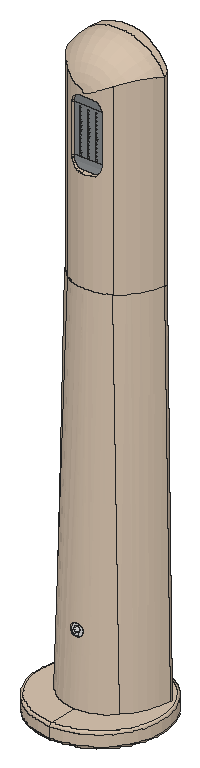
Revit family "Faucet-Deck_Mount-Bath_Spout-KALLISTA-002-P34129", category Plumbing Fixtures, host Face, Revit 2021
Family settings
  Host = Face
  Round Connector Dimension = Use Diameter
  Part Type = Normal
  OmniClass Number = 23.31.11.00
  OmniClass Title = Faucets
  Cut with Voids When Loaded = No
  Shared = No
  Room Calculation Point = No
Parameters (values of type "BAF-Brushed French Gold")
  Width = 2 73/256"  # constant formula
  WaterSense Certified = 1 = 0  # no
  Waste Water Outlet = "Waste Water Outlet"  # constant formula
  Waste Connection = 1 = 0  # no
  Vent Connection = 1 = 0  # no
  URL = "https://www.kallista.com/"
  Type = 1
  Tempered Water Inlet = "Tempered Water Inlet"  # constant formula
  Spout Reach = 9 33/128"  # constant formula
  Product Page URL = ""
  Product Name = "002"  # constant formula
  Product Documentation Link = ""
  Pressure = 60.00 psi  # constant formula
  Model = if(Type = 1, "P34129-00-BAF", if(Type = 2, "P34129-00-BL", if(Type = 3, "P34129-00-BN", if(Type = 4, "P34129-00-CP", if(Type = 5, "P34129-00-SN", "NA")))))  # "P34129-00-BAF"
  Material = "Premium Metal Construction"  # constant formula
  Master Format 2014 Name = "Residential Faucets, Supplies, and Trim"  # constant formula
  Master Format 2014 = "22 41 39"  # constant formula
  Manufacturer Address = "444 Highland Dr, Kohler, WI 53044"  # constant formula
  Manufacturer = "Kohler Co."  # constant formula
  Length = Spout Reach  # 9 33/128"
  Hot Water Inlet = "Hot Water Inlet"  # constant formula
  Height = 2 73/256"  # constant formula
  HW Connection = 1 = 1  # yes
  Flow Rate = 7 GPM  # constant formula
  Finish = Kallista-Metal-BAF-Brushed_French_Gold
  Environmental Product Declaration = ""
  Drain Included = 1 = 0  # no
  Description = "Capsule Wall Mount Bath Spout"  # constant formula
  Default Elevation = 36"
  Declare Label = ""
  Date Modified = "11/30/2023"  # constant formula
  Date Created = "11/30/2023"  # constant formula
  Copyright = "Copyright Kohler Co."  # constant formula
  Contact Us = "https://www.kallista.com/corporate/contact-us/"
  Cold Water Inlet = "Cold Water Inlet"  # constant formula
  CW Connection = 1 = 0  # no
  Assembly Code = "D2010"
  ADA Compliant = 1 = 0  # no
Types (6): name | Type | Model | Finish
  (no name) | 1 | "P34129-00-BAF" | Kallista-Metal-BAF-Brushed_French_Gold
  BAF-Brushed French Gold | 1 | "P34129-00-BAF" | Kallista-Metal-BAF-Brushed_French_Gold
  BN-Brushed Nickel | 3 | "P34129-00-BN" | Kallista-Metal-BN-Brushed_Nickel
  CP-Chrome | 1 | "P34129-00-BAF" | Kallista-Metal-CP-Chrome
  SN-Polished Nickel | 5 | "P34129-00-SN" | Kallista-Metal-SN-Polished_Nickel
  BL-Matte Black | 2 | "P34129-00-BL" | Kalista-Metal-BL-Matte_Black
Reference planes (in)
  plane 1 "Center (Front/Back)": y = 0
  plane 2: z = 0
  plane 3 "Center (Left/Right)": x = 0
  plane 4: y = 1.14173
  plane 5: y = -1.14342
  plane 6: x = -1.14173
  plane 7: x = 1.14342
  plane 8: z = 10.95276
  plane 9: z = 0.27559
  plane 10: z = 9.25781
Dimensions and locks (in)
  "Width": plane 6 to plane 7
  "Height": plane 4 to plane 5
  "Length": plane 10 to level
  aligned and locked: plane 2 to host face
  aligned and locked: level to host face
  aligned and locked: plane 6 to nested 1
  aligned and locked: plane 7 to nested 1
  aligned and locked: plane 4 to nested 1
  aligned and locked: plane 5 to nested 1
  aligned and locked: plane 8 to nested 1
  aligned and locked: plane 10 to nested 1
Automatic sketch dimensions
  host sketch curve to host sketch curve = 96"  (x2)
Nested families (in)
  nested 1: "P34129" at (0, 0, 0), type "P34129"
Connectors (in)
  piping at (0, 0, 0), diameter 0.5, driven by "Flow Rate", driven by "Pressure", driven by "HW Connection", driven by "Tempered Water Inlet"
    settings: on nested 1, index 1, connector inside diameter 24", connector length 0", flow factor 0, pipe flow 7 GPM, pressure drop 60.00 psi, fitting loss kfactor 0, connector angle 0.00°, fixture units 0, engagement length 0", angle of deflection 0.00°, flow configuration 1, flow direction 1, fitting loss method 4, system type 19, joint type 0, gender type 0, connector reference index -1, connector utility 1, adjustable connector no, is connector primary yes, connector description "Tempered Water Inlet"
Definition of nested family "P34129"
  Parameters
    Material = none
    Default Elevation = 0"
  Reference planes (in)
    plane 1 "Center (Front/Back)": y = 0
    plane 2: z = 0
    plane 3 "Center (Left/Right)": x = 0
    plane 4: x = -1.14173
    plane 5: x = 1.14173
    plane 6: y = 1.14173
    plane 7: y = -1.14343
    plane 8: z = 10.95276
    plane 9: z = 0.27559
    plane 10: z = 9.25591
    plane 11: y = -0.29528
    plane 12: x = -0.58602
    plane 13: x = 0.58602
  Forms (in)
    Blend 1, solid, material <- "Material", detail levels medium+fine
      base sketch origin (0, 0, 0) x (1, 0, 0) y (0, 1, 0)
        loop
          arc (-0.6112, -0.30473) -> (-0.00003, -0.58759) -> (0.61113, -0.30473) r 0.80169
          arc (0.61113, -0.30473) -> (0.82852, 0.04895) -> (0.92946, 0.45164) r 1.36418
          arc (0.92946, 0.45164) -> (0.92072, 0.48388) -> (0.89299, 0.50249) r 0.04772
          arc (0.89299, 0.50249) -> (-0.00145, 0.60643) -> (-0.89542, 0.49843) r 3.82569
          arc (-0.89542, 0.49843) -> (-0.91838, 0.48301) -> (-0.92584, 0.45638) r 0.03998
          arc (-0.92584, 0.45638) -> (-0.82835, 0.05109) -> (-0.6112, -0.30473) r 1.34205
      top sketch origin (0, 0, 0) x (1, 0, 0) y (0, 1, 0)
        loop
          arc (-0.40985, -0.22055) -> (0, -0.3478) -> (0.40985, -0.22055) r 0.72369
          arc (0.40985, -0.22055) -> (0.68618, 0.0677) -> (0.82509, 0.44207) r 0.98326
          arc (0.82509, 0.44207) -> (0.81176, 0.49905) -> (0.7628, 0.53109) r 0.07874
          arc (0.7628, 0.53109) -> (0.00233, 0.60644) -> (-0.75793, 0.52914) r 3.82569
          arc (-0.75793, 0.52914) -> (-0.80655, 0.49735) -> (-0.82014, 0.44087) r 0.07874
          arc (-0.82014, 0.44087) -> (-0.68436, 0.06713) -> (-0.40985, -0.22055) r 0.96846
      from 0 to 7.03287
    Sweep 2, solid, material <- "Material", detail levels medium+fine
      path origin (0, 0, 0) x (0, 1, 0) y (0, 0, 1)
        loop
          line (0.60644, 7.03287) -> (0.60644, 11.05351)
      profile origin (0, 0.60644, 9.04319) x (0, -1, 0) y (1, 0, 0)
        loop
          arc (0.16557, -0.82014) -> (0.53931, -0.68436) -> (0.827, -0.40985) r 0.96846
          arc (0.827, -0.40985) -> (0.95424, 0) -> (0.827, 0.40985) r 0.72369
          arc (0.827, 0.40985) -> (0.53874, 0.68618) -> (0.16437, 0.82509) r 0.98326
          arc (0.16437, 0.82509) -> (0.1074, 0.81176) -> (0.07535, 0.7628) r 0.07874
          arc (0.07535, 0.7628) -> (0, 0.00233) -> (0.0773, -0.75793) r 3.82569
          arc (0.0773, -0.75793) -> (0.10909, -0.80655) -> (0.16557, -0.82014) r 0.07874
    Sweep 3, void
      path origin (0, 0, -0.14764) x (1, 0, 0) y (0, 0, 1)
        loop
          line (-0.82751, 9.71931) -> (-0.82751, 10.17692)
          arc (-0.82751, 10.17692) -> (-0.00124, 11.0032) -> (0.82504, 10.17692) r 0.82628
          line (0.82504, 10.17692) -> (0.82504, 9.71931)
      profile origin (0.82504, 0, 9.80048) x (0, -1, 0) y (1, 0, 0)
        loop
          line (-0.66492, 0.54627) -> (-0.66492, 0.10335) -> (-0.43764, 0.10335)
          arc (-0.43764, 0.10335) -> (0.11914, -0.12727) -> (0.34976, -0.68405) r 0.7874
          line (0.34976, -0.68405) -> (0.34976, -0.71709) -> (0.65945, -0.71709) -> (0.65945, 0.54627) -> (-0.66492, 0.54627)
    Revolve 4, solid, material <- "Material", detail levels medium+fine
      sketch origin (0, 0, 0) x (0, 1, 0) y (0, 0, 1)
        loop
          line (0, 0) -> (1.10444, 0)
          arc (1.10444, 0) -> (1.13081, 0.01092) -> (1.14173, 0.03729) r 0.03729
          line (1.14173, 0.03729) -> (1.14173, 0.23463)
          arc (1.14173, 0.23463) -> (1.12974, 0.26359) -> (1.10077, 0.27559) r 0.04096
          line (1.10077, 0.27559) -> (0, 0.27559) -> (0, 0)
        axis (0, 0) -> (0, 0.27559)
      angle from 0 to 360
    Revolve 5, void
      sketch origin (0, 0, 0) x (0, 1, 0) y (0, 0, 1)
        loop
          line (-0.25396, 1.54626) -> (-0.25396, 1.66154) -> (-0.62222, 1.66154) -> (-0.62222, 1.54626) -> (-0.25396, 1.54626)
        axis (-0.25396, 1.54626) -> (-0.62222, 1.54626)
      angle from 0 to 360
    Revolve 6, solid, detail levels medium+fine
      sketch origin (0, 0, 0) x (0, 1, 0) y (0, 0, 1)
        loop
          line (-0.26709, 1.65545) -> (-0.52116, 1.65545) -> (-0.52116, 1.54849) -> (-0.26709, 1.54849) -> (-0.26709, 1.65545)
        axis (-0.26709, 1.54849) -> (-0.52116, 1.54849)
      angle from 0 to 360
    Extrusion 7, void
      sketch origin (0, -0.08176, -0.02695) x (1, 0, 0) y (0, 0.052336, 0.99863)
        loop
          line (-0.03439, 1.60625) -> (-0.06825, 1.5476) -> (-0.03439, 1.48896) -> (0.03332, 1.48896) -> (0.06718, 1.5476) -> (0.03332, 1.60625) -> (-0.03439, 1.60625)
      from 0.30046 to 0.6929
    Extrusion 8, void
      sketch origin (0, 0, 2.34945) x (1, 0, 0) y (0, 0, 1)
        loop
          line (-0.28038, 7.62721) -> (-0.28038, 6.75476)
          arc (-0.28038, 6.75476) -> (-0.22281, 6.6158) -> (-0.08385, 6.55823) r 0.19653
          line (-0.08385, 6.55823) -> (0.08127, 6.55823)
          arc (0.08127, 6.55823) -> (0.21911, 6.61533) -> (0.27621, 6.75317) r 0.19494
          line (0.27621, 6.75317) -> (0.27621, 7.63256)
          arc (0.27621, 7.63256) -> (0.21957, 7.76931) -> (0.08283, 7.82595) r 0.19338
          line (0.08283, 7.82595) -> (-0.08163, 7.82595)
          arc (-0.08163, 7.82595) -> (-0.22217, 7.76774) -> (-0.28038, 7.62721) r 0.19874
      from 0 to 0.70867
    Extrusion 9, solid, detail levels medium+fine
      sketch origin (0, 0, 2.35472) x (1, 0, 0) y (0, 0, 1)
        loop
          arc (-0.11579, 7.78984) -> (-0.22335, 7.74528) -> (-0.2679, 7.63772) r 0.15211
          line (-0.2679, 7.63772) -> (-0.2679, 6.73599)
          arc (-0.2679, 6.73599) -> (-0.22295, 6.62746) -> (-0.11442, 6.5825) r 0.15348
          line (-0.11442, 6.5825) -> (0.11442, 6.5825)
          arc (0.11442, 6.5825) -> (0.22295, 6.62746) -> (0.2679, 6.73599) r 0.15348
          line (0.2679, 6.73599) -> (0.2679, 7.63772)
          arc (0.2679, 7.63772) -> (0.22335, 7.74528) -> (0.11579, 7.78984) r 0.15211
          line (0.11579, 7.78984) -> (-0.11579, 7.78984)
      from 0 to 0.52116
    Extrusion 10, void
      sketch origin (0, 0, 2.35472) x (0, 1, 0) y (0, 0, 1)
        loop
          line (-0.25014, 6.75744) -> (-0.25014, 7.6149)
          arc (-0.25014, 7.6149) -> (-0.34945, 7.90421) -> (-0.60549, 8.07155) r 0.47109
          line (-0.60549, 8.07155) -> (-0.60549, 6.30079)
          arc (-0.60549, 6.30079) -> (-0.34945, 6.46813) -> (-0.25014, 6.75744) r 0.47109
      from -1.04991 to 1.33856
    Extrusion 11, void
      sketch origin (0.0123, 5.27483, 14.87442) x (1, 0, 0) y (0, 0, 1)
        loop
          line (-0.18118, -4.95414) -> (-0.18118, -5.00169) -> (-0.14232, -5.00169) -> (-0.14232, -4.95414) -> (-0.18118, -4.95414)
        loop
          line (-0.18118, -5.01713) -> (-0.18118, -5.06468) -> (-0.14232, -5.06468) -> (-0.14232, -5.01713) -> (-0.18118, -5.01713)
        loop
          line (-0.18118, -5.08051) -> (-0.18118, -5.12807) -> (-0.14232, -5.12807) -> (-0.14232, -5.08051) -> (-0.18118, -5.08051)
        loop
          line (-0.18118, -5.1439) -> (-0.18118, -5.19146) -> (-0.14232, -5.19146) -> (-0.14232, -5.1439) -> (-0.18118, -5.1439)
        loop
          line (-0.18118, -5.20729) -> (-0.18118, -5.25484) -> (-0.14232, -5.25484) -> (-0.14232, -5.20729) -> (-0.18118, -5.20729)
        loop
          line (-0.18118, -5.27067) -> (-0.18118, -5.31823) -> (-0.14232, -5.31823) -> (-0.14232, -5.27067) -> (-0.18118, -5.27067)
        loop
          line (-0.18118, -5.33406) -> (-0.18118, -5.38161) -> (-0.14232, -5.38161) -> (-0.14232, -5.33406) -> (-0.18118, -5.33406)
        loop
          line (-0.18118, -5.39744) -> (-0.18118, -5.445) -> (-0.14232, -5.445) -> (-0.14232, -5.39744) -> (-0.18118, -5.39744)
        loop
          line (-0.18118, -5.46083) -> (-0.18118, -5.50839) -> (-0.14232, -5.50839) -> (-0.14232, -5.46083) -> (-0.18118, -5.46083)
        loop
          line (-0.18118, -5.52421) -> (-0.18118, -5.57177) -> (-0.14232, -5.57177) -> (-0.14232, -5.52421) -> (-0.18118, -5.52421)
        loop
          line (-0.18118, -5.5876) -> (-0.18118, -5.63516) -> (-0.14232, -5.63516) -> (-0.14232, -5.5876) -> (-0.18118, -5.5876)
        loop
          line (-0.18118, -5.65099) -> (-0.18118, -5.69854) -> (-0.14232, -5.69854) -> (-0.14232, -5.65099) -> (-0.18118, -5.65099)
        loop
          line (-0.18118, -5.71437) -> (-0.18118, -5.76193) -> (-0.14232, -5.76193) -> (-0.14232, -5.71437) -> (-0.18118, -5.71437)
        loop
          line (0.00443, -4.95414) -> (-0.03443, -4.95414) -> (-0.03443, -5.00169) -> (0.00443, -5.00169) -> (0.00443, -4.95414)
        loop
          line (0.00443, -5.01713) -> (-0.03443, -5.01713) -> (-0.03443, -5.06468) -> (0.00443, -5.06468) -> (0.00443, -5.01713)
        loop
          line (0.00443, -5.08051) -> (-0.03443, -5.08051) -> (-0.03443, -5.12807) -> (0.00443, -5.12807) -> (0.00443, -5.08051)
        loop
          line (0.00443, -5.1439) -> (-0.03443, -5.1439) -> (-0.03443, -5.19146) -> (0.00443, -5.19146) -> (0.00443, -5.1439)
        loop
          line (0.00443, -5.20729) -> (-0.03443, -5.20729) -> (-0.03443, -5.25484) -> (0.00443, -5.25484) -> (0.00443, -5.20729)
        loop
          line (0.00443, -5.27067) -> (-0.03443, -5.27067) -> (-0.03443, -5.31823) -> (0.00443, -5.31823) -> (0.00443, -5.27067)
        loop
          line (0.00443, -5.33406) -> (-0.03443, -5.33406) -> (-0.03443, -5.38161) -> (0.00443, -5.38161) -> (0.00443, -5.33406)
        loop
          line (0.00443, -5.39744) -> (-0.03443, -5.39744) -> (-0.03443, -5.445) -> (0.00443, -5.445) -> (0.00443, -5.39744)
        loop
          line (0.00443, -5.46083) -> (-0.03443, -5.46083) -> (-0.03443, -5.50839) -> (0.00443, -5.50839) -> (0.00443, -5.46083)
        loop
          line (0.00443, -5.52421) -> (-0.03443, -5.52421) -> (-0.03443, -5.57177) -> (0.00443, -5.57177) -> (0.00443, -5.52421)
        loop
          line (0.00443, -5.5876) -> (-0.03443, -5.5876) -> (-0.03443, -5.63516) -> (0.00443, -5.63516) -> (0.00443, -5.5876)
        loop
          line (0.00443, -5.65099) -> (-0.03443, -5.65099) -> (-0.03443, -5.69854) -> (0.00443, -5.69854) -> (0.00443, -5.65099)
        loop
          line (0.00443, -5.71437) -> (-0.03443, -5.71437) -> (-0.03443, -5.76193) -> (0.00443, -5.76193) -> (0.00443, -5.71437)
        loop
          line (0.10062, -4.95414) -> (0.10062, -5.00169) -> (0.13947, -5.00169) -> (0.13947, -4.95414) -> (0.10062, -4.95414)
        loop
          line (0.10062, -5.01713) -> (0.10062, -5.06468) -> (0.13947, -5.06468) -> (0.13947, -5.01713) -> (0.10062, -5.01713)
        loop
          line (0.10062, -5.08051) -> (0.10062, -5.12807) -> (0.13947, -5.12807) -> (0.13947, -5.08051) -> (0.10062, -5.08051)
        loop
          line (0.10062, -5.1439) -> (0.10062, -5.19146) -> (0.13947, -5.19146) -> (0.13947, -5.1439) -> (0.10062, -5.1439)
        loop
          line (0.10062, -5.20729) -> (0.10062, -5.25484) -> (0.13947, -5.25484) -> (0.13947, -5.20729) -> (0.10062, -5.20729)
        loop
          line (0.10062, -5.27067) -> (0.10062, -5.31823) -> (0.13947, -5.31823) -> (0.13947, -5.27067) -> (0.10062, -5.27067)
        loop
          line (0.10062, -5.33406) -> (0.10062, -5.38161) -> (0.13947, -5.38161) -> (0.13947, -5.33406) -> (0.10062, -5.33406)
        loop
          line (0.10062, -5.39744) -> (0.10062, -5.445) -> (0.13947, -5.445) -> (0.13947, -5.39744) -> (0.10062, -5.39744)
        loop
          line (0.10062, -5.46083) -> (0.10062, -5.50839) -> (0.13947, -5.50839) -> (0.13947, -5.46083) -> (0.10062, -5.46083)
        loop
          line (0.10062, -5.52421) -> (0.10062, -5.57177) -> (0.13947, -5.57177) -> (0.13947, -5.52421) -> (0.10062, -5.52421)
        loop
          line (0.10062, -5.5876) -> (0.10062, -5.63516) -> (0.13947, -5.63516) -> (0.13947, -5.5876) -> (0.10062, -5.5876)
        loop
          line (0.10062, -5.65099) -> (0.10062, -5.69854) -> (0.13947, -5.69854) -> (0.13947, -5.65099) -> (0.10062, -5.65099)
        loop
          line (0.10062, -5.71437) -> (0.10062, -5.76193) -> (0.13947, -5.76193) -> (0.13947, -5.71437) -> (0.10062, -5.71437)
      from 5.16363 to 7.18576
    Extrusion 12, solid, material <- "Material", detail levels coarse
      sketch origin (0, 0.04968, 0) x (1, 0, 0) y (0, 0, 1)
        loop
          line (0.82802, 0.27559) -> (0.82802, 10.21558)
          arc (0.82802, 10.21558) -> (0.01229, 11.03131) -> (-0.80344, 10.21558) r 0.81573
          line (-0.80344, 10.21558) -> (-0.80344, 0.27559) -> (0.82802, 0.27559)
      from -0.57981 to 0.63603
    Revolve 13, solid, material <- "Material", detail levels coarse
      sketch origin (0, 0, 0) x (0, 1, 0) y (0, 0, 1)
        loop
          line (0, 0) -> (1.14173, 0) -> (1.14173, 0.27559) -> (0, 0.27559) -> (0, 0)
        axis (0, 0) -> (0, 0.27559)
      angle from 0 to 360
    Extrusion 14, solid, material <- "Material", detail levels medium+fine
      sketch origin (0, 0, 0) x (1, 0, 0) y (0, 1, 0)
        loop
          circle (0, 0) r 0.11811
      from 0 to 0.08846
  Cuts and joins
    Revolve 5, Extrusion 7, Extrusion 8 cuts Blend 1
    joined: Blend 1, Revolve 4
    Extrusion 7 cuts Revolve 6
    Extrusion 10, Extrusion 11 cuts Extrusion 9
    joined: Extrusion 12, Revolve 13
    Sweep 3, Extrusion 8 cuts Sweep 2
  Lines and regions (in)
    Masking region 1
      outline origin (0, 0, 0) x (0, 1, 0) y (0, 0, 1)
        loop
          line (1.14173, 0.03913) -> (1.14173, 0.23686)
          arc (1.14173, 0.23686) -> (1.13039, 0.26425) -> (1.103, 0.27559) r 0.03873
          line (1.103, 0.27559) -> (0.55338, 0.27559)
          arc (0.55338, 0.27559) -> (0.58784, 0.28756) -> (0.60245, 0.32098) r 0.04553
          line (0.60245, 0.32098) -> (0.60245, 10.23268)
          arc (0.60245, 10.23268) -> (0.58548, 10.57736) -> (0.53474, 10.91871) r 3.50904
          arc (0.53474, 10.91871) -> (0.52007, 10.94316) -> (0.49323, 10.95276) r 0.04232
          line (0.49323, 10.95276) -> (0.46174, 10.95276) -> (0.36067, 10.95276)
          arc (0.36067, 10.95276) -> (-0.14605, 10.70206) -> (-0.35072, 10.17507) r 0.78078
          line (-0.35072, 10.17507) -> (-0.35072, 10.13945)
          arc (-0.35072, 10.13945) -> (-0.33657, 10.10214) -> (-0.31831, 10.06666) r 0.35462
          line (-0.31831, 10.06666) -> (-0.31831, 9.98523)
          arc (-0.31831, 9.98523) -> (-0.30107, 9.91555) -> (-0.29528, 9.84401) r 0.44433
          line (-0.29528, 9.84401) -> (-0.29528, 9.0854)
          arc (-0.29528, 9.0854) -> (-0.30107, 9.01386) -> (-0.31831, 8.94418) r 0.44433
          line (-0.31831, 8.94418) -> (-0.31831, 8.86275)
          arc (-0.31831, 8.86275) -> (-0.33657, 8.82727) -> (-0.35072, 8.78996) r 0.35462
          line (-0.35072, 8.78996) -> (-0.35072, 6.40173)
          arc (-0.35072, 6.40173) -> (-0.35204, 5.98956) -> (-0.35598, 5.57742) r 64.63598
          arc (-0.35598, 5.57742) -> (-0.35932, 5.34193) -> (-0.36334, 5.10646) r 82.20036
          arc (-0.36334, 5.10646) -> (-0.36753, 4.94167) -> (-0.374, 4.77696) r 11.87676
          arc (-0.374, 4.77696) -> (-0.38941, 4.42335) -> (-0.4029, 4.06965) r 65.43397
          arc (-0.4029, 4.06965) -> (-0.42004, 3.67424) -> (-0.44342, 3.27915) r 25.0582
          arc (-0.44342, 3.27915) -> (-0.45424, 3.09479) -> (-0.46194, 2.91027) r 10.95361
          arc (-0.46194, 2.91027) -> (-0.4676, 2.77571) -> (-0.47563, 2.64128) r 7.66624
          arc (-0.47563, 2.64128) -> (-0.49076, 2.39933) -> (-0.50301, 2.15722) r 20.31281
          arc (-0.50301, 2.15722) -> (-0.51546, 1.91687) -> (-0.53138, 1.67672) r 16.67974
          arc (-0.53138, 1.67672) -> (-0.52267, 1.54568) -> (-0.5462, 1.41647) r 0.53419
          line (-0.5462, 1.41647) -> (-0.60123, 0.31496)
          arc (-0.60123, 0.31496) -> (-0.59784, 0.29368) -> (-0.58614, 0.27559) r 0.05216
          line (-0.58614, 0.27559) -> (-1.10469, 0.27559)
          arc (-1.10469, 0.27559) -> (-1.13208, 0.26425) -> (-1.14343, 0.23686) r 0.03873
          line (-1.14343, 0.23686) -> (-1.14343, 0.03913)
          arc (-1.14343, 0.03913) -> (-1.13197, 0.01146) -> (-1.1043, 0) r 0.03913
          line (-1.1043, 0) -> (1.10261, 0)
          arc (1.10261, 0) -> (1.13027, 0.01146) -> (1.14173, 0.03913) r 0.03913
    Masking region 2
      outline origin (0, 0, 0) x (1, 0, 0) y (0, 0, 1)
        loop
          line (1.14173, 0) -> (1.14173, 0.25591)
          arc (1.14173, 0.25591) -> (1.13597, 0.26982) -> (1.12205, 0.27559) r 0.01969
          line (1.12205, 0.27559) -> (0.89846, 0.27559)
          arc (0.89846, 0.27559) -> (0.92052, 0.29165) -> (0.92873, 0.31766) r 0.04363
          line (0.92873, 0.31766) -> (0.82527, 8.61199) -> (0.82527, 10.12712)
          arc (0.82527, 10.12712) -> (0.5891, 10.70529) -> (0.01567, 10.95276) r 0.82579
          line (0.01567, 10.95276) -> (-0.01582, 10.95276)
          arc (-0.01582, 10.95276) -> (-0.58915, 10.70524) -> (-0.82527, 10.12712) r 0.82579
          line (-0.82527, 10.12712) -> (-0.82527, 8.61199) -> (-0.92873, 0.31766)
          arc (-0.92873, 0.31766) -> (-0.92052, 0.29165) -> (-0.89846, 0.27559) r 0.04363
          line (-0.89846, 0.27559) -> (-1.12205, 0.27559)
          arc (-1.12205, 0.27559) -> (-1.13597, 0.26982) -> (-1.14173, 0.25591) r 0.01969
          line (-1.14173, 0.25591) -> (-1.14173, 0) -> (1.14173, 0)
    Masking region 3
      outline origin (0, 0, 0) x (1, 0, 0) y (0, 1, 0)
        loop
          arc (-0.43305, 1.05642) -> (-0.82584, 0.78838) -> (-1.07537, 0.38357) r 1.14173
          arc (-1.07537, 0.38357) -> (-1.12497, 0.22497) -> (-1.14173, 0.05965) r 0.82377
          line (-1.14173, 0.05965) -> (-1.14173, 0.02815)
          arc (-1.14173, 0.02815) -> (-1.11088, -0.24936) -> (-1.01983, -0.51331) r 1.26353
          arc (-1.01983, -0.51331) -> (-0.71833, -0.88744) -> (-0.28961, -1.10439) r 1.14173
          arc (-0.28961, -1.10439) -> (-0.15419, -1.13235) -> (-0.01623, -1.14173) r 1.01935
          line (-0.01623, -1.14173) -> (0.01526, -1.14173)
          arc (0.01526, -1.14173) -> (0.22001, -1.12182) -> (0.41709, -1.06282) r 1.06254
          arc (0.41709, -1.06282) -> (0.86852, -0.7411) -> (1.11521, -0.24467) r 1.14173
          arc (1.11521, -0.24467) -> (1.13705, -0.10494) -> (1.14173, 0.0364) r 1.16104
          line (1.14173, 0.0364) -> (1.14173, 0.0679)
          arc (1.14173, 0.0679) -> (1.13614, 0.14688) -> (1.11948, 0.22429) r 0.5608
          arc (1.11948, 0.22429) -> (0.88747, 0.71829) -> (0.45266, 1.04816) r 1.14173
          arc (0.45266, 1.04816) -> (0.24156, 1.11807) -> (0.02044, 1.14173) r 1.04509
          line (0.02044, 1.14173) -> (-0.01106, 1.14173)
          arc (-0.01106, 1.14173) -> (-0.22632, 1.12019) -> (-0.43305, 1.05642) r 1.08631
    symbolic lines, detail levels medium+fine
      curve 1: line (0, 1.14173, 0.23686) -> (0, -1.14343, 0.23686)
      curve 2: line (0, -1.14343, 0.03913) -> (0, 1.14173, 0.03913)
      curve 3: line (0, -0.2842, 9.90479) -> (0, -0.2842, 9.0248)
      curve 4: arc (0, -0.31831, 10.06666) -> (0, -0.29282, 9.9875) -> (0, -0.2842, 9.90479) r 0.40108
      curve 5: arc (0, -0.2842, 9.0248) -> (0, -0.29282, 8.942) -> (0, -0.31831, 8.86275) r 0.40195
      curve 6: line (0, 0.55338, 0.27559) -> (0, -0.58614, 0.27559)
      curve 7: line (0, -0.60123, 0.31496) -> (0, 0.60205, 0.31496)
      curve 8: line (0, 0.49323, 10.95276) -> (0, 0.49323, 0.31496)
      curve 9: line (0, 0.53474, 10.91871) -> (0, 0.53474, 0.31496)
      curve 10: line (0.89846, 0, 0.27559) -> (-0.89893, 0, 0.27559)
      curve 11: line (-0.92873, 0, 0.31766) -> (0.89846, 0, 0.31766)
      curve 12: line (1.14173, 0, 0.25591) -> (-1.14173, 0, 0.25591)
      curve 13: line (0.89846, 0, 0.27559) -> (0.78878, 0, 10.14297)
      curve 14: line (-0.89893, 0, 0.27559) -> (-0.78878, 0, 10.14301)
      curve 15: arc (0.78878, 0, 10.14297) -> (0.00002, 0, 10.92304) -> (-0.78878, 0, 10.14301) r 0.78883
      curve 16: line (0.82527, 0, 10.12712) -> (-0.82527, 0, 10.12712)
      curve 17: arc (-0.79269, 0.52167, 0) -> (-0.00529, 0.60775, 0) -> (0.78211, 0.52167, 0) r 3.64442
      curve 18: arc (-0.92914, 0.4505, 0) -> (-0.89988, 0.21782, 0) -> (-0.81301, -0.00002, 0) r 0.92445
      curve 19: arc (0.80391, 0.00047, 0) -> (0.89129, 0.22086, 0) -> (0.91974, 0.45624, 0) r 0.92445
      curve 20: arc (-0.81301, -0.00002, 0) -> (-0.58548, -0.29966, 0) -> (-0.28275, -0.52306, 0) r 1.32181
      curve 21: arc (0.28095, -0.52046, 0) -> (0.57931, -0.29702, 0) -> (0.80391, 0.00047, 0) r 1.32947
      curve 22: arc (-0.28275, -0.52306, 0) -> (-0.00057, -0.59336, 0) -> (0.28095, -0.52046, 0) r 0.59055
      curve 23: line (-0.79269, 0.52167, 0) -> (-0.88903, 0.50036, 0)
      curve 24: arc (-0.88903, 0.50036, 0) -> (-0.91784, 0.48247, 0) -> (-0.92914, 0.4505, 0) r 0.05117
      curve 25: line (0.78211, 0.52167, 0) -> (0.88522, 0.49886, 0)
      curve 26: arc (0.88522, 0.49886, 0) -> (0.91104, 0.48214, 0) -> (0.91962, 0.45261, 0) r 0.04403
      curve 27: line (-0.92914, 0.4505, 0) -> (-0.81659, 0.47541, 0)
      curve 28: line (-0.81659, 0.47541, 0) -> (0, 0.47541, 0)
      curve 29: line (0.91962, 0.45261, 0) -> (0.81659, 0.47541, 0)
      curve 30: line (0.81659, 0.47541, 0) -> (0, 0.47541, 0)
      curve 31: line (-0.79269, 0.52167, 0) -> (0.78211, 0.52167, 0)
      curve 32: arc (-0.79269, 0.52167, 0) -> (-0.81103, 0.50184, 0) -> (-0.81659, 0.47541, 0) r 0.0507
      curve 33: arc (0.78211, 0.52167, 0) -> (0.80464, 0.50249, 0) -> (0.81659, 0.47541, 0) r 0.06633
      curve 34: arc (-0.81659, 0.47541, 0) -> (0, -0.34118, 0) -> (0.81659, 0.47541, 0) r 0.81659
  Dimensions and locks (in)
    plane 7 to plane 6 = 2 73/256"
    plane 4 to plane 5 = 2.28346"
    plane 8 to level = 10.95276"
    plane 9 to level = 0.27559"  (x2)
    plane 10 to level = 9.25591"
    plane 1 "Center (Front/Back)" to plane 11 = 0.29528"
    plane 9 to plane 8 = 10.67717"
    plane 6 to plane 7 = 2 73/256"
    aligned and locked: plane 2 to level
    aligned and locked: plane 11 to Masking region 1 sketch curve
    aligned and locked: plane 8 to Masking region 1 sketch curve
    aligned and locked: Masking region 2 sketch curve to plane 5
    aligned and locked: plane 9 to Masking region 2 sketch curve  (x2)
    aligned and locked: plane 7 to Masking region 1 sketch curve
